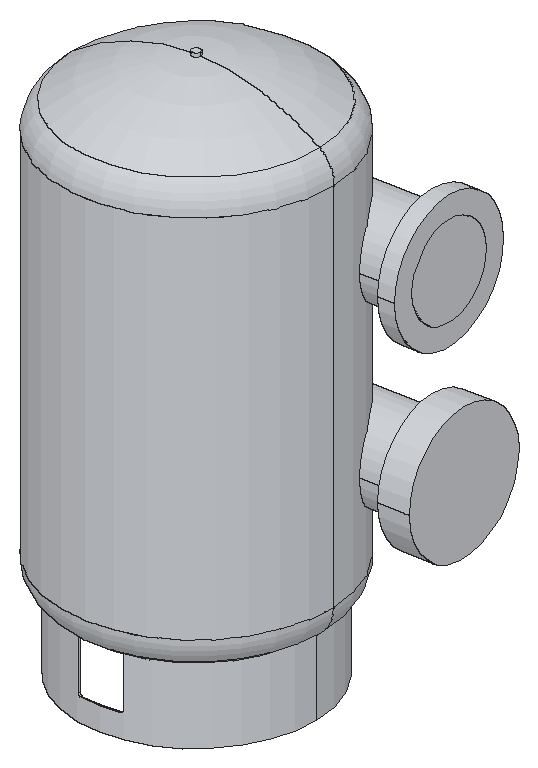
Revit family
Parameters (values of type "16-AS 125# W.P.")
  Weight = "4300 lbs"
  Top to Inlet = 29.000"
  Top Connection Radius = 0.375"
  Top Connection Diameter = Top Connection Radius * 2  # 0.750"
  Tank Height = 102.500"
  Tangential = yes
  Tank Height Less Stand = 90.000"
  Tank Diameter = 48.000"
  Pipe Location off CL = 14.875"
  Outlet Pipe Flange Conn. Radius = Outlet Pipe Flange Conn / 2  # 8.000"
  Outlet Pipe Flange Conn = 16.000"
  Model = "16\"-AS"
  Pressure Drop = ".525"
  Max Operating Temp = "350 DEG F"
  Max Operating Pressure = "125 PSI"
  Manufacturer = "Amtrol"
  Inlet CL to Outlet CL = 32.000"
  Inlet Pipe Flange Conn = 16.000"
  Inlet Pipe Flange Conn. Radius = Inlet Pipe Flange Conn / 2  # 8.000"
  Flow (GPM) = "3375"
  Flange to Flange Height = 64.000"
  CL to Outlet Flange = 32.000"
  Bottom Connection Radius = Bottom Connection Diameter / 2  # 0.375"
  Bottom Connection Diameter = 0.750"
  ASME = yes
Types (4): name | Max Operating Pressure
  (no name) | "125 PSI"
  16-AS 125# W.P. | "125 PSI"
  16-AS 150# W.P. 10 BAR | "150 PSI"
  16-AS 300# W.P. | "300 PSI"
Reference planes (in)
  plane 1 "Center (Front/Back)": y = 0
  plane 2: z = 0
  plane 3 "Center (Left/Right)": x = 0
Forms (in)
  Revolve 1, solid
    sketch origin (0, 0, 0) x (1, 0, 0) y (0, 0, 1)
      loop
        arc (0, 1) -> (11.4087, 3.04176) -> (21.57739, 8.60277) r 36
        arc (21.57739, 8.60277) -> (23.27998, 10.70171) -> (23.88867, 13.33493) r 6
        line (23.88867, 13.33493) -> (23.88867, 78.95896)
        arc (23.88867, 78.95896) -> (23.28012, 81.7325) -> (21.46441, 83.91563) r 6
        arc (21.46441, 83.91563) -> (11.30263, 89.18611) -> (0, 91) r 36
        line (0, 91) -> (0, 1)
      axis (0, 1) -> (0, 91)
    angle from 0 to 360
  Extrusion 2, solid
    sketch origin (0, 0, 4.33383) x (0, 1, 0) y (0, 0, 1)
      loop
        circle (14.875, 57.69234) r 8
    from 2.04863 to 32
  Extrusion 3, solid
    sketch origin (1.78583, 0, 18.02222) x (0, 1, 0) y (0, 0, 1)
      loop
        circle (14.875, 12.00395) r 8
    from -31.16325 to 27.21417
  Extrusion 4, solid
    sketch origin (6.54208, 0, 8.25512) x (0, 1, 0) y (0, 0, 1)
      loop
        circle (14.875, 53.77105) r 11.75
    from 25.45792 to 22.45792
  Extrusion 5, solid
    sketch origin (0, 0, 0.63219) x (0, 1, 0) y (0, 0, 1)
      loop
        circle (14.875, 29.39398) r 11.75
    from -29.37742 to -32
  Sweep 6, solid
    path origin (0.0083, 0, 42.63637) x (1, 0, 0) y (0, 0, 1)
      loop
        line (0, 48.3898) -> (0, 48.8898)
    profile origin (0.0083, 0, 91.27617) x (-1, 0, 0) y (0, -1, 0)
      loop
        circle (0, 0) r 0.75
  Sweep 7, solid
    path origin (0, 0, 0.47237) x (1, 0, 0) y (0, 0, 1)
      loop
        line (0, 0) -> (0, 0.5538)
    profile origin (0, 0, 0.74927) x (-1, 0, 0) y (0, -1, 0)
      loop
        circle (0, 0) r 0.75
  Extrusion 8, solid
    sketch origin (0, 0, 0) x (0, 1, 0) y (0, 0, 1)
      loop
        circle (14.875, 30.02617) r 11.75
    from 34.62258 to 29
  Extrusion 9, solid
    sketch origin (0, 0, 0) x (1, 0, 0) y (0, 1, 0)
      loop
        circle (0, 0) r 21
      loop
        circle (0, 0) r 20.75
    from 8.26131 to -5.19991
  Extrusion 10, void
    sketch origin (0, 0, 0) x (1, 0, 0) y (0, 0, 1)
      loop
        line (-3.98176, 8.26131) -> (-3.98176, -0.63548)
        arc (-3.98176, -0.63548) -> (-3.83532, -0.98904) -> (-3.48176, -1.13548) r 0.5
        line (-3.48176, -1.13548) -> (3.48176, -1.13548)
        arc (3.48176, -1.13548) -> (3.83532, -0.98904) -> (3.98176, -0.63548) r 0.5
        line (3.98176, -0.63548) -> (3.98176, 8.26131) -> (-3.98176, 8.26131)
    from 4.41095 to 33.97425
Cuts and joins
  Extrusion 10 cuts Sweep 7
  Extrusion 10 cuts Extrusion 9
Text (in)
  text "INLET" at (35.10882, 0, 69.56506), in view "Front"
  text "OUTLET" at (-43.18425, 0, 23.87257), in view "Front"
  text "STRAINER\n\nACCESS" at (42.95882, 0, 29.99501), in view "Front"
Dimensions and locks (in)
  "Pipe Location off CL": plane 1 "Center (Front/Back)" to Extrusion 2 sketch curve
  "Pipe Location off CL": plane 1 "Center (Front/Back)" to Extrusion 3 sketch curve
  "Pipe Location off CL": Extrusion 5 sketch curve to plane 1 "Center (Front/Back)"
  "Pipe Location off CL": Extrusion 4 sketch curve to plane 1 "Center (Front/Back)"
  "CL to Outlet Flange": Extrusion 5 to plane 3 "Center (Left/Right)"
  "Top to Inlet": Sweep 6 to Extrusion 4 sketch curve
  "Top to Inlet": Sweep 6 to Extrusion 2 sketch curve
  locked: Sweep 6 to Extrusion 5 sketch curve at 61
  locked: Sweep 6 to Extrusion 8 sketch curve at 61
  locked: Sweep 6 to Extrusion 3 sketch curve at 61
  "Pipe Location off CL": plane 1 "Center (Front/Back)" to Extrusion 8 sketch curve
  "Tank Height Less Stand": Sweep 6 sketch curve to cut or joined group of Sweep 7, Extrusion 10
  locked: Revolve 1 sketch curve to level at 1
  locked: Revolve 1 sketch curve to Revolve 1 sketch curve at 23.88867
  "Tank Height Less Stand": Revolve 1 sketch curve to Revolve 1 sketch curve
  Revolve 1 sketch curve to Revolve 1 sketch curve = 30.000"
  radius of Revolve 1 sketch curve = 36.000"  (x2)
  radius of Revolve 1 sketch curve = 6.000"  (x2)
  aligned and locked: Extrusion 4 to Extrusion 2
  aligned and locked: Extrusion 3 to Extrusion 5
  aligned: Extrusion 3 to Extrusion 2
  aligned: Extrusion 2 to Extrusion 8
  aligned and locked: Extrusion 9 to Extrusion 10
  aligned and locked: Extrusion 3 to Extrusion 8
  aligned and locked: Revolve 1 sketch curve to Revolve 1 sketch curve
Automatic sketch dimensions
  plane 1 "Center (Front/Back)" to Sweep 6 sketch curve = 0.000"
  Sweep 6 sketch curve to profile plane = 0.000"
  Sweep 7 sketch curve to plane 3 "Center (Left/Right)" = 0.000"
  level to Sweep 7 sketch curve = 0.47237"
  level to Sweep 7 sketch curve = 1.02617"
  plane 1 "Center (Front/Back)" to Sweep 7 sketch curve = 0.000"
  Sweep 7 sketch curve to profile plane = 0.000"
  Extrusion 9 sketch curve to Extrusion 9 sketch curve = 0.000"  (x2)
  plane 1 "Center (Front/Back)" to Extrusion 9 sketch curve = 0.000"
  Extrusion 9 sketch curve to plane 3 "Center (Left/Right)" = 0.000"
  Extrusion 10 sketch curve to plane 3 "Center (Left/Right)" = 3.98176"
  Extrusion 10 sketch curve to Extrusion 10 sketch curve = 0.500"  (x2)
  Extrusion 10 sketch curve to level = 0.63548"
  plane 3 "Center (Left/Right)" to Extrusion 10 sketch curve = 3.48176"
  level to Extrusion 10 sketch curve = 8.26131"
  plane 3 "Center (Left/Right)" to Sweep 6 sketch curve = 0.0083"
  Sweep 6 sketch curve to Sweep 6 sketch curve = 0.500"
  Revolve 1 sketch curve to plane 3 "Center (Left/Right)" = 0.000"
  Revolve 1 sketch curve to plane 3 "Center (Left/Right)" = 0.55494"
  plane 3 "Center (Left/Right)" to Revolve 1 sketch curve = 0.01944"
  Revolve 1 sketch curve to Revolve 1 sketch curve = 5.99843"
  Revolve 1 sketch curve to Revolve 1 sketch curve = 2.31128"
  Revolve 1 sketch curve to Revolve 1 sketch curve = 0.000"
  Revolve 1 sketch curve to Revolve 1 sketch curve = 20.70015"
  radius of Extrusion 2 sketch curve = 8.000"
  radius of Extrusion 3 sketch curve = 8.000"
  radius of Extrusion 4 sketch curve = 11.750"
  radius of Extrusion 5 sketch curve = 11.750"
  radius of Sweep 6 sketch curve = 0.750"
  radius of Sweep 7 sketch curve = 0.750"
  radius of Extrusion 8 sketch curve = 11.750"
  radius of Extrusion 9 sketch curve = 21.000"
  radius of Extrusion 9 sketch curve = 20.750"
Connectors (in)
  piping at (0.0083, 0, 91.52617), driven by "Top Connection Radius"
    settings: on Sweep 6, index 3
  piping at (-32, 14.875, 30.02617), driven by "Outlet Pipe Flange Conn. Radius"
    settings: on Extrusion 5, index 4
  piping at (0, 0, 0.47237), driven by "Bottom Connection Radius"
    settings: on Sweep 7, index 5
  piping at (32, 14.875, 62.02617), driven by "Inlet Pipe Flange Conn. Radius"
    settings: on Extrusion 4, index 6
